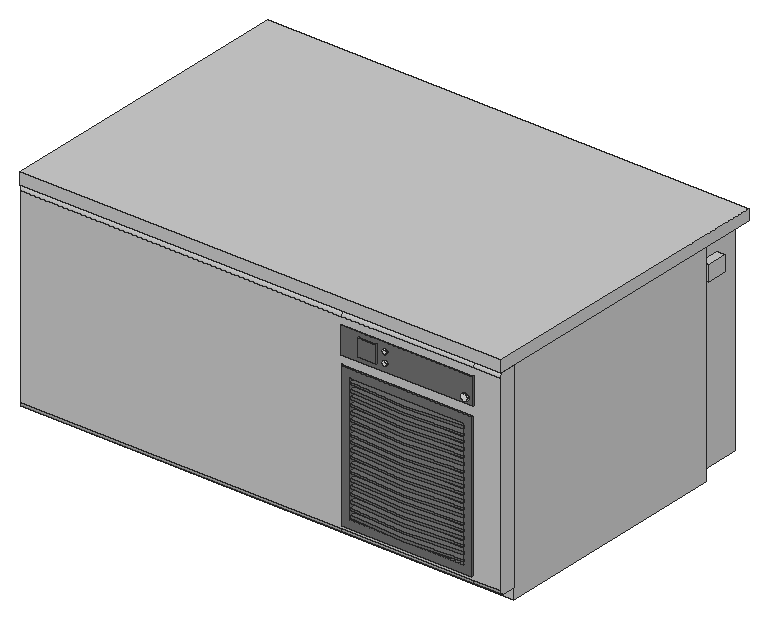
Revit family "QF_HOSHIZAKI_IM-240XNE-21", category Specialty Equipment, Revit 2016
Family settings
  Part Type = Normal
  Round Connector Dimension = Use Diameter
  OmniClass Number = 23.40.40.14
  OmniClass Title = Food Service Equipment
  Work Plane-Based = No
  Always vertical = Yes
  Cut with Voids When Loaded = No
  Shared = No
  Room Calculation Point = No
Parameters (values of type "IM-240XNE-21_230V/1Ph/50Hz")
  Weight = 88.00 kg
  Waste Remarks [instance] = ""
  Volts = 230 V
  URL Cutsheet = ""
  URL = "www.hoshizaki-europe.com"
  Status [instance] = ""
  Specification by User [instance] = ""
  Specification by Manufacturer [instance] = ""
  Serial Number = ""
  Seismic Rating = ""
  SMACNA No = ""
  Revision Code [instance] = ""
  Phase = 1
  Number of Poles = 2
  NAFEM Spec ID Number = ""
  Model = "IM-240XNE-21"
  Min Ckt Ampacity = 0 A
  Max Overcurrent Protection = 0 A
  Masterspec = ""
  Manufacturer = "HOSHIZAKI"
  Length Actual = 1084 mm
  Item Number [instance] = ""
  Installed By [instance] = ""
  Indirect Waste Size = 19.05 mm
  Indirect Waste Connection Type [instance] = ""
  Indirect Waste Connection Height [instance] = 53 mm
  Identify Quantity as Lot [instance] = no
  Height Actual = 500 mm
  HP power = ""
  Furnished By [instance] = ""
  Foodservice Equipment Identifier [instance] = yes
  FL Amps = 20 A
  Electric power = 1330 W
  Electric Connection Type [instance] = ""
  Elec Conn RI Height [instance] = 0 mm
  Elec Conn Connection Height [instance] = 409 mm
  Direct Waste RI Height [instance] = 0 mm
  Description = "MODULAR IM ICE MAKER, 240KG PER 24 HOURS, EXTRA SMALL CUBE, MODULAR - EXTENSION"
  Depth Actual = 700 mm
  Cycle = 50 Hz
  Cost = 0
  Conn Plug = ""
  Conn Conduit = no
  Cold Water Temperature Recommended = 0 °C
  Cold Water Size = 19.05 mm
  Cold Water Flow = 0.0 L/s
  Cold Water Connection Height [instance] = 419 mm
  CSI MasterFormat = ""
  Assembly Code = "E1090320"
  Apparent Power = 1330 VA
  Accessory = no
Types (2, lengths in mm): name | Volts | Cycle
  IM-240XNE-21_240V/1Ph/60Hz | 240 V | 60 Hz
  IM-240XNE-21_230V/1Ph/50Hz | 230 V | 50 Hz
Reference planes
  plane 1 "Center (Front/Back)": y = 0
  plane 2: z = 0
  plane 3 "Center (Left/Right)": x = 0
Forms (mm)
  Extrusion 1, solid, not visible
    sketch origin (-16, -65, 418) x (1, 0, 0) y (0, 1, 0)
      loop
        line (0, 0) -> (2, 0) -> (2, 2) -> (0, 2) -> (0, 0)
    from 0 to 2
  Extrusion 2, solid, not visible
    sketch origin (-16, -213, 52) x (1, 0, 0) y (0, 1, 0)
      loop
        line (0, 0) -> (2, 0) -> (2, 2) -> (0, 2) -> (0, 0)
    from 0 to 2
  Extrusion 3, solid, not visible
    sketch origin (1073, -77, 408) x (1, 0, 0) y (0, 1, 0)
      loop
        line (0, 0) -> (2, 0) -> (2, 2) -> (0, 2) -> (0, 0)
    from 0 to 2
  Extrusion 4, solid, not visible
    sketch origin (-16, -65, 418) x (1, 0, 0) y (0, 1, 0)
      loop
        line (0, 0) -> (2, 0) -> (2, 2) -> (0, 2) -> (0, 0)
    from 0 to 2
  Extrusion 5, solid, not visible
    sketch origin (-16, -213, 52) x (1, 0, 0) y (0, 1, 0)
      loop
        line (0, 0) -> (2, 0) -> (2, 2) -> (0, 2) -> (0, 0)
    from 0 to 2
  Extrusion 6, solid, not visible
    sketch origin (1073, -77, 408) x (1, 0, 0) y (0, 1, 0)
      loop
        line (0, 0) -> (2, 0) -> (2, 2) -> (0, 2) -> (0, 0)
    from 0 to 2
Dimensions and locks
  aligned and locked: level to plane 2
Nested families
  nested 1: "QF_HOSHIZAKI_IM-240XNE-21_240V_1Ph_60Hz" at (0, 0, 0), type "IM-240XNE-21_240V/1Ph/60Hz"
    with Show Clearance yes
Connectors
  piping at (-15, -63, 419), diameter 19.05, driven by "Cold Water Size", driven by "Cold Water Flow"
    settings: on Extrusion 1, index 1, connector inside diameter 609.6 mm, connector length 0 mm, flow factor 0, pipe flow 0.0 L/s, pressure drop 0.0 Pa, fitting loss kfactor 0, connector angle 0.00°, fixture units 0, engagement length 0 mm, angle of deflection 0.00°, flow configuration 1, flow direction 1, fitting loss method 0, system type 20, joint type 0, gender type 0, connector reference index -1, connector utility 0, adjustable connector no, is connector primary yes, connector description "Cold Water connection for 'IM-240XNE-21'"
  piping at (-15, -211, 53), diameter 19.05, driven by "Indirect Waste Size"
    settings: on Extrusion 2, index 2, connector inside diameter 609.6 mm, connector length 0 mm, flow factor 0, pipe flow 0.0 L/s, pressure drop 0.0 Pa, fitting loss kfactor 0, connector angle 0.00°, fixture units 0, engagement length 0 mm, angle of deflection 0.00°, flow configuration 1, flow direction 2, fitting loss method 0, system type 16, joint type 0, gender type 0, connector reference index -1, connector utility 0, adjustable connector no, is connector primary no, connector description "Drain connection for 'IM-240XNE-21'"
  electrical at (1074, -75, 409), driven by "Apparent Power", driven by "Number of Poles", driven by "Volts"
    settings: on Extrusion 3, index 3, voltage 230 V, apparent load 0 VA, apparent load phase1 1330 VA, apparent load phase2 0 VA, apparent load phase3 0 VA, power factor 1, load classification "Other", number of poles 2, system type 31, power factor state 1, is connector primary yes, connector utility no, sub classification motor no, connector description "Electric connection for 'IM-240XNE-21'"
  piping at (-15, -63, 419), diameter 19.05, driven by "Cold Water Size", driven by "Cold Water Flow"
    settings: on Extrusion 4, index 4, connector inside diameter 609.6 mm, connector length 0 mm, flow factor 0, pipe flow 0.0 L/s, pressure drop 0.0 Pa, fitting loss kfactor 0, connector angle 0.00°, fixture units 0, engagement length 0 mm, angle of deflection 0.00°, flow configuration 1, flow direction 1, fitting loss method 0, system type 20, joint type 0, gender type 0, connector reference index -1, connector utility 0, adjustable connector no, is connector primary no, connector description "Cold Water connection for 'IM-240XNE-21'"
  piping at (-15, -211, 53), diameter 19.05, driven by "Indirect Waste Size"
    settings: on Extrusion 5, index 5, connector inside diameter 609.6 mm, connector length 0 mm, flow factor 0, pipe flow 0.0 L/s, pressure drop 0.0 Pa, fitting loss kfactor 0, connector angle 0.00°, fixture units 0, engagement length 0 mm, angle of deflection 0.00°, flow configuration 1, flow direction 2, fitting loss method 0, system type 16, joint type 0, gender type 0, connector reference index -1, connector utility 0, adjustable connector no, is connector primary no, connector description "Drain connection for 'IM-240XNE-21'"
  electrical at (1074, -75, 409), driven by "Apparent Power", driven by "Number of Poles", driven by "Volts"
    settings: on Extrusion 6, index 6, voltage 230 V, apparent load 0 VA, apparent load phase1 1330 VA, apparent load phase2 0 VA, apparent load phase3 0 VA, power factor 1, load classification "Other", number of poles 2, system type 31, power factor state 1, is connector primary no, connector utility no, sub classification motor no, connector description "Electric connection for 'IM-240XNE-21'"
Definition of nested family "QF_HOSHIZAKI_IM-240XNE-21_240V_1Ph_60Hz"
  Parameters (values of type "IM-240XNE-21_240V/1Ph/60Hz")
    Width = 1084 mm
    URL = "www.hoshizaki-europe.com"
    Show Clearance [instance] = yes
    Model = "IM-240XNE-21"
    Manufacturer = "HOSHIZAKI"
    Height = 500 mm
    Description = "MODULAR IM ICE MAKER, 240KG PER 24 HOURS, EXTRA SMALL CUBE, MODULAR - EXTENSION"
    Depth = 700 mm
    Assembly Code = "E1090320"
  Types (31, lengths in mm): name | Width | Model | Height | Description | Depth
    IM-240DNE-HC | 1084 | "IM-240DNE-HC" | 500 | "EMERALD CLASS IM HYDROCARBON ICE MAKER, 210KG PER 24 HOURS, LARGE CUBE, MODULAR - HORIZONTAL" | 700
    IM-240XNE-HC | 1084 | "IM-240XNE-HC" | 500 | "EMERALD CLASS IM HYDROCARBON ICE MAKER, 210KG PER 24 HOURS, LARGE CUBE, MODULAR - EXTENSION" | 700
    IM-240DNE | 1084 | "IM-240DNE" | 500 | "MODULAR IM ICE MAKER, 240KG PER 24 HOURS, LARGE CUBE, MODULAR - HORIZONTAL" | 700
    IM-240DNE-21 | 1084 | "IM-240DNE-21" | 500 | "MODULAR IM ICE MAKER, 240KG PER 24 HOURS, EXTRA SMALL CUBE, MODULAR - HORIZONTAL" | 700
    IM-240DNE-23 | 1084 | "IM-240DNE-23" | 500 | "MODULAR IM ICE MAKER, 240KG PER 24 HOURS, MEDIUM CUBE, MODULAR - HORIZONTAL" | 700
    IM-240DNE-32 | 1084 | "IM-240DNE-32" | 500 | "MODULAR IM ICE MAKER, 240KG PER 24 HOURS, EXTRA LARGE CUBE, MODULAR - HORIZONTAL" | 700
    IM-240DSNE | 1084 | "IM-240DSNE" | 500 | "MODULAR IM ICE MAKER, 240KG PER 24 HOURS, LARGE CUBE, REMOTE CONDENSER" | 700
    IM-240DSNE-23 | 1084 | "IM-240DSNE-23" | 500 | "MODULAR IM ICE MAKER, 240KG PER 24 HOURS, MEDIUM CUBE, REMOTE CONDENSER" | 700
    IM-240DWNE | 1084 | "IM-240DWNE" | 500 | "MODULAR IM ICE MAKER, 240KG PER 24 HOURS, LARGE CUBE, MODULAR - HORIZONTAL, WATER COOLED" | 700
    IM-240DWNE-21 | 1084 | "IM-240DWNE-21" | 500 | "MODULAR IM ICE MAKER, 240KG PER 24 HOURS, EXTRA SMALL CUBE, MODULAR - HORIZONTAL, WATER COOLED" | 700
    IM-240DWNE-23 | 1084 | "IM-240DWNE-23" | 500 | "MODULAR IM ICE MAKER, 240KG PER 24 HOURS, MEDIUM CUBE, MODULAR - HORIZONTAL, WATER COOLED" | 700
    IM-240DWNE-32 | 1084 | "IM-240DWNE-32" | 500 | "MODULAR IM ICE MAKER, 240KG PER 24 HOURS, EXTRA LARGE CUBE, MODULAR - HORIZONTAL, WATER COOLED" | 700
    IM-240XNE | 1084 | "IM-240XNE" | 500 | "MODULAR IM ICE MAKER, 240KG PER 24 HOURS, LARGE CUBE, MODULAR - EXTENSION" | 700
    IM-240XNE-21_240V/1Ph/60Hz | 1084 | "IM-240XNE-21" | 500 | "MODULAR IM ICE MAKER, 240KG PER 24 HOURS, EXTRA SMALL CUBE, MODULAR - EXTENSION" | 700
    IM-240XNE-23 | 1084 | "IM-240XNE-23" | 500 | "MODULAR IM ICE MAKER, 240KG PER 24 HOURS, MEDIUM CUBE, MODULAR - EXTENSION" | 700
    IM-240XNE-32 | 1084 | "IM-240XNE-32" | 500 | "MODULAR IM ICE MAKER, 240KG PER 24 HOURS, EXTRA LARGE CUBE, MODULAR - EXTENSION" | 700
    IM-240XSNE | 1084 | "IM-240XSNE" | 500 | "MODULAR IM ICE MAKER, 240KG PER 24 HOURS, LARGE CUBE, MODULAR - EXTENSION, REMOTE CONDENSER" | 700
    IM-240XSNE-23 | 1084 | "IM-240XSNE-23" | 500 | "MODULAR IM ICE MAKER, 240KG PER 24 HOURS, MEDIUM CUBE, MODULAR - EXTENSION, REMOTE CONDENSER" | 700
    IM-240XWNE | 1084 | "IM-240XWNE" | 500 | "MODULAR IM ICE MAKER, 240KG PER 24 HOURS, LARGE CUBE, MODULAR - EXTENSION, WATER COOLED" | 700
    IM-240XWNE-21 | 1084 | "IM-240XWNE-21" | 500 | "MODULAR IM ICE MAKER, 240KG PER 24 HOURS, EXTRA SMALL CUBE, MODULAR - EXTENSION, WATER COOLED" | 700
    IM-240XWNE-23 | 1084 | "IM-240XWNE-23" | 500 | "MODULAR IM ICE MAKER, 240KG PER 24 HOURS, MEDIUM CUBE, MODULAR - EXTENSION, WATER COOLED" | 700
    IM-240XWNE-32 | 1084 | "IM-240XWNE-32" | 500 | "MODULAR IM ICE MAKER, 240KG PER 24 HOURS, EXTRA LARGE CUBE, MODULAR - EXTENSION, WATER COOLED" | 700
    IM-240DNE-C | 1084 | "IM-240DNE-C" | 500 | "IM CYLINDER ICE MAKER, 240KG PER 24 HOURS, CYLINDER ICE, MODULAR - HORIZONTAL" | 700
    IM-240DWNE-C | 1084 | "IM-240DWNE-C" | 500 | "IM CYLINDER ICE MAKER, 240KG PER 24 HOURS, CYLINDER ICE, MODULAR - HORIZONTAL, WATER COOLED" | 700
    IM-240XNE-C | 1084 | "IM-240XNE-C" | 500 | "IM CYLINDER ICE MAKER, 240KG PER 24 HOURS, CYLINDER ICE, MODULAR - EXTENSION" | 700
    IM-240XWNE-C | 1084 | "IM-240XWNE-C" | 500 | "IM CYLINDER ICE MAKER, 240KG PER 24 HOURS, CYLINDER ICE, MODULAR - EXTENSION, WATER COOLED" | 700
    IM-240DNE-HC-23 | 1084 | "IM-240DNE-HC-23" | 500 | "EMERALD CLASS IM HYDROCARBON ICE MAKER, 180KG PER 24 HOURS, MEDIUM CUBE, MODULAR - EXTENSION" | 700
    IM-240DNE-HC-32 | 1084 | "IM-240DNE-HC-32" | 500 | "EMERALD CLASS IM HYDROCARBON ICE MAKER, 190KG PER 24 HOURS, EXTRA LARGE CUBE, MODULAR - EXTENSION" | 700
    IM-240XNE-HC-23 | 1082 | "IM-240XNE-HC-23" | 485 | "EMERALD CLASS IM HYDROCARBON ICE MAKER, 180KG PER 24 HOURS, MEDIUM CUBE, MODULAR - EXTENSION" | 697
    IM-240XNE-HC-32 | 1082 | "IM-240XNE-HC-32" | 485 | "EMERALD CLASS IM HYDROCARBON ICE MAKER, 190KG PER 24 HOURS, EXTRA LARGE CUBE, MODULAR - EXTENSION" | 697
    IM-240DNE-HC-21 | 1084 | "IM-240DNE-HC-21" | 500 | "EMERALD CLASS IM HYDROCARBON ICE MAKER, 205KG PER 24 HOURS, EXTRA SMALL CUBE, MODULAR - EXTENSION" | 700
  Reference planes
    plane 1 "Back": y = 0
    plane 2: z = 0
    plane 3 "Left": x = 0
    plane 4 "Right": x = 1084
    plane 5 "Front": y = -700
    plane 6 "Top": z = 500
    plane 7: y = -702
    plane 8: z = 488
  Forms (mm)
    Extrusion 1, solid
      sketch origin (166.25, -249, 193) x (0, 1, 0) y (0, 0, 1)
        loop
          line (-414, -170) -> (-414, 280) -> (-441, 280)
          arc (-441, 280) -> (-448.071, 277.071) -> (-451, 270) r 10
          line (-451, 270) -> (-451, -160)
          arc (-451, -160) -> (-448.071, -167.071) -> (-441, -170) r 10
          line (-441, -170) -> (-414, -170)
      from 559.75 to -166.25
    Extrusion 2, solid
      sketch origin (-20, -211, 53) x (0, 1, 0) y (0, 0, 1)
        loop
          circle (0, 0) r 14
        loop
          circle (0, 0) r 12
      from 0 to 20
    Extrusion 3, solid
      sketch origin (-16, -63, 419) x (0, 1, 0) y (0, 0, 1)
        loop
          circle (0, 0) r 14
        loop
          circle (0, 0) r 12
      from 0 to 16
    Extrusion 4, solid
      sketch origin (1024, -249, 193) x (0, 1, 0) y (0, 0, 1)
        loop
          line (-414, -170) -> (-414, 280) -> (-441, 280)
          arc (-441, 280) -> (-448.071, 277.071) -> (-451, 270) r 10
          line (-451, 270) -> (-451, -160)
          arc (-451, -160) -> (-448.071, -167.071) -> (-441, -170) r 10
          line (-441, -170) -> (-414, -170)
      from 0 to 60
    Extrusion 5, solid
      sketch origin (726, -249, 193) x (0, 1, 0) y (0, 0, 1)
        loop
          line (-414, -170) -> (-414, -153) -> (-451, -153) -> (-451, -160)
          arc (-451, -160) -> (-448.071, -167.071) -> (-441, -170) r 10
          line (-441, -170) -> (-414, -170)
        loop
          line (-451, 270) -> (-451, 174) -> (-414, 174) -> (-414, 280) -> (-441, 280)
          arc (-441, 280) -> (-448.071, 277.071) -> (-451, 270) r 10
      from 0 to 298
    Extrusion 6, solid
      sketch origin (568.75, -852, 28) x (1, 0, 0) y (0, 0, 1)
        loop
          line (159.25, 337) -> (159.25, 14) -> (453.25, 14) -> (453.25, 337) -> (159.25, 337)
        loop
          line (177.25, 319) -> (177.25, 32) -> (435.25, 32) -> (435.25, 319) -> (177.25, 319)
      from -150 to -160
    Extrusion 7, solid
      sketch origin (568.75, -249, 170) x (1, 0, 0) y (0, 1, 0)
        loop
          line (177.25, -443) -> (177.25, -454.474)
          arc (177.25, -454.474) -> (306.295, -461.632) -> (435.25, -453) r 1057.927
          line (435.25, -453) -> (435.25, -443) -> (177.25, -443)
      from 0 to 5
    Extrusion 8, solid
      sketch origin (568.75, -249, 185) x (1, 0, 0) y (0, 1, 0)
        loop
          line (177.25, -443) -> (177.25, -454.474)
          arc (177.25, -454.474) -> (306.295, -461.632) -> (435.25, -453) r 1057.927
          line (435.25, -453) -> (435.25, -443) -> (177.25, -443)
      from 0 to 5
    Extrusion 9, solid
      sketch origin (568.75, -249, 200) x (1, 0, 0) y (0, 1, 0)
        loop
          line (177.25, -443) -> (177.25, -454.474)
          arc (177.25, -454.474) -> (306.295, -461.632) -> (435.25, -453) r 1057.927
          line (435.25, -453) -> (435.25, -443) -> (177.25, -443)
      from 0 to 5
    Extrusion 10, solid
      sketch origin (568.75, -249, 215) x (1, 0, 0) y (0, 1, 0)
        loop
          line (177.25, -443) -> (177.25, -454.474)
          arc (177.25, -454.474) -> (306.295, -461.632) -> (435.25, -453) r 1057.927
          line (435.25, -453) -> (435.25, -443) -> (177.25, -443)
      from 0 to 5
    Extrusion 11, solid
      sketch origin (568.75, -249, 230) x (1, 0, 0) y (0, 1, 0)
        loop
          line (177.25, -443) -> (177.25, -454.474)
          arc (177.25, -454.474) -> (306.295, -461.632) -> (435.25, -453) r 1057.927
          line (435.25, -453) -> (435.25, -443) -> (177.25, -443)
      from 0 to 5
    Extrusion 12, solid
      sketch origin (568.75, -249, 245) x (1, 0, 0) y (0, 1, 0)
        loop
          line (177.25, -443) -> (177.25, -454.474)
          arc (177.25, -454.474) -> (306.295, -461.632) -> (435.25, -453) r 1057.927
          line (435.25, -453) -> (435.25, -443) -> (177.25, -443)
      from 0 to 5
    Extrusion 13, solid
      sketch origin (568.75, -249, 260) x (1, 0, 0) y (0, 1, 0)
        loop
          line (177.25, -443) -> (177.25, -454.474)
          arc (177.25, -454.474) -> (306.295, -461.632) -> (435.25, -453) r 1057.927
          line (435.25, -453) -> (435.25, -443) -> (177.25, -443)
      from 0 to 5
    Extrusion 14, solid
      sketch origin (568.75, -249, 275) x (1, 0, 0) y (0, 1, 0)
        loop
          line (177.25, -443) -> (177.25, -454.474)
          arc (177.25, -454.474) -> (306.295, -461.632) -> (435.25, -453) r 1057.927
          line (435.25, -453) -> (435.25, -443) -> (177.25, -443)
      from 0 to 5
    Extrusion 15, solid
      sketch origin (568.75, -249, 290) x (1, 0, 0) y (0, 1, 0)
        loop
          line (177.25, -443) -> (177.25, -454.474)
          arc (177.25, -454.474) -> (306.295, -461.632) -> (435.25, -453) r 1057.927
          line (435.25, -453) -> (435.25, -443) -> (177.25, -443)
      from 0 to 5
    Extrusion 16, solid
      sketch origin (568.75, -249, 305) x (1, 0, 0) y (0, 1, 0)
        loop
          line (177.25, -443) -> (177.25, -454.474)
          arc (177.25, -454.474) -> (306.295, -461.632) -> (435.25, -453) r 1057.927
          line (435.25, -453) -> (435.25, -443) -> (177.25, -443)
      from 0 to 5
    Extrusion 17, solid
      sketch origin (568.75, -249, 320) x (1, 0, 0) y (0, 1, 0)
        loop
          line (177.25, -443) -> (177.25, -454.474)
          arc (177.25, -454.474) -> (306.295, -461.632) -> (435.25, -453) r 1057.927
          line (435.25, -453) -> (435.25, -443) -> (177.25, -443)
      from 0 to 5
    Extrusion 18, solid
      sketch origin (568.75, -249, 335) x (1, 0, 0) y (0, 1, 0)
        loop
          line (177.25, -443) -> (177.25, -454.474)
          arc (177.25, -454.474) -> (306.295, -461.632) -> (435.25, -453) r 1057.927
          line (435.25, -453) -> (435.25, -443) -> (177.25, -443)
      from 0 to 5
    Extrusion 19, solid
      sketch origin (568.75, -249, 110) x (1, 0, 0) y (0, 1, 0)
        loop
          line (177.25, -443) -> (177.25, -454.474)
          arc (177.25, -454.474) -> (306.295, -461.632) -> (435.25, -453) r 1057.927
          line (435.25, -453) -> (435.25, -443) -> (177.25, -443)
      from 0 to 5
    Extrusion 20, solid
      sketch origin (568.75, -249, 125) x (1, 0, 0) y (0, 1, 0)
        loop
          line (177.25, -443) -> (177.25, -454.474)
          arc (177.25, -454.474) -> (306.295, -461.632) -> (435.25, -453) r 1057.927
          line (435.25, -453) -> (435.25, -443) -> (177.25, -443)
      from 0 to 5
    Extrusion 21, solid
      sketch origin (568.75, -249, 140) x (1, 0, 0) y (0, 1, 0)
        loop
          line (177.25, -443) -> (177.25, -454.474)
          arc (177.25, -454.474) -> (306.295, -461.632) -> (435.25, -453) r 1057.927
          line (435.25, -453) -> (435.25, -443) -> (177.25, -443)
      from 0 to 5
    Extrusion 22, solid
      sketch origin (568.75, -249, 155) x (1, 0, 0) y (0, 1, 0)
        loop
          line (177.25, -443) -> (177.25, -454.474)
          arc (177.25, -454.474) -> (306.295, -461.632) -> (435.25, -453) r 1057.927
          line (435.25, -453) -> (435.25, -443) -> (177.25, -443)
      from 0 to 5
    Extrusion 23, solid
      sketch origin (568.75, -249, 65) x (1, 0, 0) y (0, 1, 0)
        loop
          line (177.25, -443) -> (177.25, -454.474)
          arc (177.25, -454.474) -> (306.295, -461.632) -> (435.25, -453) r 1057.927
          line (435.25, -453) -> (435.25, -443) -> (177.25, -443)
      from 0 to 5
    Extrusion 24, solid
      sketch origin (568.75, -249, 80) x (1, 0, 0) y (0, 1, 0)
        loop
          line (177.25, -443) -> (177.25, -454.474)
          arc (177.25, -454.474) -> (306.295, -461.632) -> (435.25, -453) r 1057.927
          line (435.25, -453) -> (435.25, -443) -> (177.25, -443)
      from 0 to 5
    Extrusion 25, solid
      sketch origin (568.75, -249, 95) x (1, 0, 0) y (0, 1, 0)
        loop
          line (177.25, -443) -> (177.25, -454.474)
          arc (177.25, -454.474) -> (306.295, -461.632) -> (435.25, -453) r 1057.927
          line (435.25, -453) -> (435.25, -443) -> (177.25, -443)
      from 0 to 5
    Extrusion 26, solid
      sketch origin (0, -700, -10) x (1, 0, 0) y (0, 0, 1)
        loop
          line (726, 397) -> (1024, 397) -> (1024, 457) -> (726, 457) -> (726, 397)
      from 0 to 2
    Extrusion 27, solid
      sketch origin (0, -702, 0) x (1, 0, 0) y (0, 0, 1)
        loop
          line (766.139, 436.277) -> (766.139, 396.277) -> (806.139, 396.277) -> (806.139, 436.277) -> (766.139, 436.277)
      from 0 to 2
    Extrusion 28, solid
      sketch origin (0, -702, 0) x (1, 0, 0) y (0, 0, 1)
        loop
          circle (825.63, 428.086) r 5
        loop
          circle (825.63, 404.468) r 5
      from 0 to 2
    Extrusion 29, solid
      sketch origin (0, -702, 0) x (1, 0, 0) y (0, 0, 1)
        loop
          circle (1006.481, 399.95) r 7.5
      from 3 to 0
    Extrusion 30, solid
      sketch origin (0, 0, 0) x (1, 0, 0) y (0, 1, 0)
        loop
          line (0, 0) -> (0, -663) -> (1084, -663) -> (1084, -120) -> (1054, -120) -> (1054, 0) -> (0, 0)
      from 0 to 475
    Extrusion 31, solid
      sketch origin (0, 0, 0) x (1, 0, 0) y (0, 1, 0)
        loop
          line (0, 0) -> (0, -700) -> (1084, -700) -> (1084, 0) -> (0, 0)
      from 500 to 475
    Extrusion 32, solid
      sketch origin (1254, 1.923, 57.766) x (0, 1, 0) y (0, 0, 1)
        loop
          line (-101.026, 368.734) -> (-101.026, 333.734) -> (-54.923, 333.734) -> (-54.923, 368.734) -> (-101.026, 368.734)
      from -180 to -200
  Cuts and joins
    joined: Extrusion 1, Extrusion 4, Extrusion 5
  Lines and regions (mm)
    symbolic lines
      curve 1: line (0, 0, 0) -> (1084, 0, 0)
      curve 2: line (0, -700, 0) -> (0, 0, 0)
      curve 3: line (1084, -700, 0) -> (0, -700, 0)
      curve 4: line (1084, 0, 0) -> (1084, -700, 0)
      curve 5: line (-16, -49, 0) -> (0, -49, 0)
      curve 6: line (-16, -49, 0) -> (-16, -77, 0)
      curve 7: line (-16, -77, 0) -> (0, -77, 0)
      curve 8: line (-20, -197, 0) -> (0, -197, 0)
      curve 9: line (-20, -197, 0) -> (-20, -225, 0)
      curve 10: line (-20, -225, 0) -> (0, -225, 0)
  Dimensions and locks
    plane 5 "Front" to Extrusion 30 = 700 mm
    locked: Extrusion 30 sketch curve to curve 4 at 30
    locked: Extrusion 30 to Extrusion 32 at 20
    "Width": plane 4 "Right" to plane 3 "Left"
    locked: Extrusion 28 to Extrusion 27 at 2
    locked: plane 5 "Front" to Extrusion 26 at 2
    Extrusion 29 to Extrusion 28 = 0 mm
    locked: plane 5 "Front" to Extrusion 6 at 8
    locked: plane 7 to plane 5 "Front" at 2
    "Depth": plane 5 "Front" to plane 1 "Back"
    locked: plane 5 "Front" to Extrusion 29 at 5
    locked: Extrusion 31 to plane 6 "Top" at 25
    cut or joined group of Extrusion 1, Extrusion 4, Extrusion 5 to plane 8 to plane 6 "Top" = 15 mm, 12 mm
    "Height": plane 6 "Top" to level
    aligned and locked: level to plane 2
    aligned and locked: Extrusion 31 to plane 4 "Right"
    aligned and locked: Extrusion 32 to Extrusion 30
    aligned and locked: Extrusion 4 to plane 4 "Right"
    aligned and locked: Extrusion 4 to Extrusion 5  (x2)
    aligned and locked: plane 4 "Right" to curve 4
    aligned and locked: Extrusion 31 to plane 5 "Front"
    aligned and locked: Extrusion 1 sketch curve to plane 5 "Front"
    aligned and locked: Extrusion 27 to Extrusion 26
    aligned and locked: plane 5 "Front" to Extrusion 26
    aligned and locked: Extrusion 28 to Extrusion 26
    aligned and locked: plane 7 to Extrusion 6
    aligned and locked: Extrusion 29 to Extrusion 26
    aligned and locked: plane 6 "Top" to Extrusion 31
    aligned and locked: Extrusion 30 to Extrusion 31
  Automatic sketch dimensions
    Extrusion 2 sketch curve to Extrusion 2 sketch curve = 0 mm  (x2)
    level to Extrusion 2 sketch curve = 53 mm
    plane 1 "Back" to Extrusion 2 sketch curve = 211 mm
    Extrusion 3 sketch curve to Extrusion 3 sketch curve = 0 mm  (x2)
    plane 1 "Back" to Extrusion 3 sketch curve = 63 mm
    Extrusion 3 sketch curve to plane 6 "Top" = 81 mm
    Extrusion 4 sketch curve to plane 5 "Front" = 0 mm
    Extrusion 4 sketch curve to Extrusion 4 sketch curve = 10 mm
    plane 5 "Front" to Extrusion 4 sketch curve = 10 mm
    Extrusion 4 sketch curve to Extrusion 4 sketch curve = 27 mm
    level to Extrusion 4 sketch curve = 23 mm
    Extrusion 4 sketch curve to plane 6 "Top" = 37 mm
    Extrusion 5 sketch curve to plane 5 "Front" = 0 mm  (x2)
    plane 5 "Front" to Extrusion 5 sketch curve = 10 mm  (x2)
    Extrusion 5 sketch curve to Extrusion 5 sketch curve = 27 mm  (x2)
    level to Extrusion 5 sketch curve = 23 mm
    Extrusion 5 sketch curve to Extrusion 5 sketch curve = 7 mm
    Extrusion 5 sketch curve to plane 6 "Top" = 133 mm
    Extrusion 5 sketch curve to plane 6 "Top" = 37 mm
    level to Extrusion 6 sketch curve = 42 mm
    plane 4 "Right" to Extrusion 6 sketch curve = 356 mm
    Extrusion 6 sketch curve to Extrusion 6 sketch curve = 18 mm  (x4)
    plane 4 "Right" to Extrusion 6 sketch curve = 80 mm
    Extrusion 6 sketch curve to plane 6 "Top" = 153 mm
    plane 5 "Front" to Extrusion 7 sketch curve = 8 mm
    plane 4 "Right" to Extrusion 7 sketch curve = 338 mm
    plane 4 "Right" to Extrusion 7 sketch curve = 215 mm
    plane 4 "Right" to Extrusion 7 sketch curve = 80 mm
    Extrusion 7 sketch curve to plane 5 "Front" = 2 mm
    Extrusion 7 sketch curve to Extrusion 7 sketch curve = 11.474 mm
    plane 5 "Front" to Extrusion 8 sketch curve = 8 mm
    plane 4 "Right" to Extrusion 8 sketch curve = 338 mm
    plane 4 "Right" to Extrusion 8 sketch curve = 215 mm
    plane 4 "Right" to Extrusion 8 sketch curve = 80 mm
    Extrusion 8 sketch curve to plane 5 "Front" = 2 mm
    Extrusion 8 sketch curve to Extrusion 8 sketch curve = 11.474 mm
    plane 5 "Front" to Extrusion 9 sketch curve = 8 mm
    plane 4 "Right" to Extrusion 9 sketch curve = 338 mm
    plane 4 "Right" to Extrusion 9 sketch curve = 215 mm
    plane 4 "Right" to Extrusion 9 sketch curve = 80 mm
    Extrusion 9 sketch curve to plane 5 "Front" = 2 mm
    Extrusion 9 sketch curve to Extrusion 9 sketch curve = 11.474 mm
    plane 5 "Front" to Extrusion 10 sketch curve = 8 mm
    plane 4 "Right" to Extrusion 10 sketch curve = 338 mm
    plane 4 "Right" to Extrusion 10 sketch curve = 215 mm
    plane 4 "Right" to Extrusion 10 sketch curve = 80 mm
    Extrusion 10 sketch curve to plane 5 "Front" = 2 mm
    Extrusion 10 sketch curve to Extrusion 10 sketch curve = 11.474 mm
    plane 5 "Front" to Extrusion 11 sketch curve = 8 mm
    plane 4 "Right" to Extrusion 11 sketch curve = 338 mm
    plane 4 "Right" to Extrusion 11 sketch curve = 215 mm
    plane 4 "Right" to Extrusion 11 sketch curve = 80 mm
    Extrusion 11 sketch curve to plane 5 "Front" = 2 mm
    Extrusion 11 sketch curve to Extrusion 11 sketch curve = 11.474 mm
    plane 5 "Front" to Extrusion 12 sketch curve = 8 mm
    plane 4 "Right" to Extrusion 12 sketch curve = 338 mm
    plane 4 "Right" to Extrusion 12 sketch curve = 215 mm
    plane 4 "Right" to Extrusion 12 sketch curve = 80 mm
    Extrusion 12 sketch curve to plane 5 "Front" = 2 mm
    Extrusion 12 sketch curve to Extrusion 12 sketch curve = 11.474 mm
    plane 5 "Front" to Extrusion 13 sketch curve = 8 mm
    plane 4 "Right" to Extrusion 13 sketch curve = 338 mm
    plane 4 "Right" to Extrusion 13 sketch curve = 215 mm
    plane 4 "Right" to Extrusion 13 sketch curve = 80 mm
    Extrusion 13 sketch curve to plane 5 "Front" = 2 mm
    Extrusion 13 sketch curve to Extrusion 13 sketch curve = 11.474 mm
    plane 5 "Front" to Extrusion 14 sketch curve = 8 mm
    plane 4 "Right" to Extrusion 14 sketch curve = 338 mm
    plane 4 "Right" to Extrusion 14 sketch curve = 215 mm
    plane 4 "Right" to Extrusion 14 sketch curve = 80 mm
    Extrusion 14 sketch curve to plane 5 "Front" = 2 mm
    Extrusion 14 sketch curve to Extrusion 14 sketch curve = 11.474 mm
    plane 5 "Front" to Extrusion 15 sketch curve = 8 mm
    plane 4 "Right" to Extrusion 15 sketch curve = 338 mm
    plane 4 "Right" to Extrusion 15 sketch curve = 215 mm
    plane 4 "Right" to Extrusion 15 sketch curve = 80 mm
    Extrusion 15 sketch curve to plane 5 "Front" = 2 mm
    Extrusion 15 sketch curve to Extrusion 15 sketch curve = 11.474 mm
    plane 5 "Front" to Extrusion 16 sketch curve = 8 mm
    plane 4 "Right" to Extrusion 16 sketch curve = 338 mm
    plane 4 "Right" to Extrusion 16 sketch curve = 215 mm
    plane 4 "Right" to Extrusion 16 sketch curve = 80 mm
    Extrusion 16 sketch curve to plane 5 "Front" = 2 mm
    Extrusion 16 sketch curve to Extrusion 16 sketch curve = 11.474 mm
    plane 5 "Front" to Extrusion 17 sketch curve = 8 mm
    plane 4 "Right" to Extrusion 17 sketch curve = 338 mm
    plane 4 "Right" to Extrusion 17 sketch curve = 215 mm
    plane 4 "Right" to Extrusion 17 sketch curve = 80 mm
    Extrusion 17 sketch curve to plane 5 "Front" = 2 mm
    Extrusion 17 sketch curve to Extrusion 17 sketch curve = 11.474 mm
    plane 5 "Front" to Extrusion 18 sketch curve = 8 mm
    plane 4 "Right" to Extrusion 18 sketch curve = 338 mm
    plane 4 "Right" to Extrusion 18 sketch curve = 215 mm
    plane 4 "Right" to Extrusion 18 sketch curve = 80 mm
    Extrusion 18 sketch curve to plane 5 "Front" = 2 mm
    Extrusion 18 sketch curve to Extrusion 18 sketch curve = 11.474 mm
    plane 5 "Front" to Extrusion 19 sketch curve = 8 mm
    plane 4 "Right" to Extrusion 19 sketch curve = 338 mm
    plane 4 "Right" to Extrusion 19 sketch curve = 215 mm
    plane 4 "Right" to Extrusion 19 sketch curve = 80 mm
    Extrusion 19 sketch curve to plane 5 "Front" = 2 mm
    Extrusion 19 sketch curve to Extrusion 19 sketch curve = 11.474 mm
    plane 5 "Front" to Extrusion 20 sketch curve = 8 mm
    plane 4 "Right" to Extrusion 20 sketch curve = 338 mm
    plane 4 "Right" to Extrusion 20 sketch curve = 215 mm
    plane 4 "Right" to Extrusion 20 sketch curve = 80 mm
    Extrusion 20 sketch curve to plane 5 "Front" = 2 mm
    Extrusion 20 sketch curve to Extrusion 20 sketch curve = 11.474 mm
    plane 5 "Front" to Extrusion 21 sketch curve = 8 mm
    plane 4 "Right" to Extrusion 21 sketch curve = 338 mm
    plane 4 "Right" to Extrusion 21 sketch curve = 215 mm
    plane 4 "Right" to Extrusion 21 sketch curve = 80 mm
    Extrusion 21 sketch curve to plane 5 "Front" = 2 mm
    Extrusion 21 sketch curve to Extrusion 21 sketch curve = 11.474 mm
    plane 5 "Front" to Extrusion 22 sketch curve = 8 mm
    plane 4 "Right" to Extrusion 22 sketch curve = 338 mm
    plane 4 "Right" to Extrusion 22 sketch curve = 215 mm
    plane 4 "Right" to Extrusion 22 sketch curve = 80 mm
    Extrusion 22 sketch curve to plane 5 "Front" = 2 mm
    Extrusion 22 sketch curve to Extrusion 22 sketch curve = 11.474 mm
    plane 5 "Front" to Extrusion 23 sketch curve = 8 mm
    plane 4 "Right" to Extrusion 23 sketch curve = 338 mm
    plane 4 "Right" to Extrusion 23 sketch curve = 215 mm
    plane 4 "Right" to Extrusion 23 sketch curve = 80 mm
    Extrusion 23 sketch curve to plane 5 "Front" = 2 mm
    Extrusion 23 sketch curve to Extrusion 23 sketch curve = 11.474 mm
    plane 5 "Front" to Extrusion 24 sketch curve = 8 mm
    plane 4 "Right" to Extrusion 24 sketch curve = 338 mm
    plane 4 "Right" to Extrusion 24 sketch curve = 215 mm
    plane 4 "Right" to Extrusion 24 sketch curve = 80 mm
    Extrusion 24 sketch curve to plane 5 "Front" = 2 mm
    Extrusion 24 sketch curve to Extrusion 24 sketch curve = 11.474 mm
    plane 5 "Front" to Extrusion 25 sketch curve = 8 mm
    plane 4 "Right" to Extrusion 25 sketch curve = 338 mm
    plane 4 "Right" to Extrusion 25 sketch curve = 215 mm
    plane 4 "Right" to Extrusion 25 sketch curve = 80 mm
    Extrusion 25 sketch curve to plane 5 "Front" = 2 mm
    Extrusion 25 sketch curve to Extrusion 25 sketch curve = 11.474 mm
    Extrusion 26 sketch curve to plane 6 "Top" = 53 mm
    plane 4 "Right" to Extrusion 26 sketch curve = 358 mm
    plane 4 "Right" to Extrusion 26 sketch curve = 60 mm
    Extrusion 26 sketch curve to Extrusion 26 sketch curve = 60 mm
    Extrusion 27 sketch curve to plane 6 "Top" = 103.723 mm
    plane 4 "Right" to Extrusion 27 sketch curve = 317.861 mm
    Extrusion 27 sketch curve to Extrusion 27 sketch curve = 40 mm  (x2)
    Extrusion 28 sketch curve to plane 6 "Top" = 95.532 mm
    plane 4 "Right" to Extrusion 28 sketch curve = 258.37 mm
    Extrusion 28 sketch curve to Extrusion 28 sketch curve = 0 mm
    Extrusion 28 sketch curve to Extrusion 28 sketch curve = 23.618 mm
    plane 4 "Right" to Extrusion 29 sketch curve = 77.519 mm
    Extrusion 29 sketch curve to plane 6 "Top" = 100.05 mm
    Extrusion 30 sketch curve to plane 3 "Left" = 0 mm
    Extrusion 30 sketch curve to plane 4 "Right" = 0 mm
    plane 1 "Back" to Extrusion 30 sketch curve = 0 mm
    plane 1 "Back" to Extrusion 30 sketch curve = 120 mm
    plane 5 "Front" to Extrusion 30 sketch curve = 37 mm
    Extrusion 31 sketch curve to plane 3 "Left" = 0 mm
    Extrusion 31 sketch curve to plane 4 "Right" = 0 mm
    Extrusion 31 sketch curve to plane 5 "Front" = 0 mm
    plane 1 "Back" to Extrusion 31 sketch curve = 0 mm
    plane 1 "Back" to Extrusion 32 sketch curve = 99.103 mm
    Extrusion 32 sketch curve to Extrusion 32 sketch curve = 46.103 mm
    Extrusion 32 sketch curve to plane 6 "Top" = 108.5 mm
    Extrusion 32 sketch curve to Extrusion 32 sketch curve = 35 mm
    curve 5 to plane 3 "Left" = 0 mm
    curve 3 to plane 5 "Front" = 0 mm
    plane 1 "Back" to curve 2 = 0 mm
    curve 6 to plane 3 "Left" = 16 mm
    curve 8 to plane 3 "Left" = 20 mm
    plane 1 "Back" to curve 9 = 225 mm
    curve 9 to curve 9 = 28 mm
    plane 1 "Back" to curve 6 = 77 mm
    curve 6 to curve 5 = 28 mm
    plane 5 "Front" to Extrusion 1 sketch curve = 10 mm  (x2)
    Extrusion 1 sketch curve to Extrusion 1 sketch curve = 27 mm
    level to Extrusion 1 sketch curve = 23 mm
    Extrusion 1 sketch curve to plane 6 "Top" = 37 mm
    radius of Extrusion 2 sketch curve = 14 mm
    radius of Extrusion 2 sketch curve = 12 mm
    radius of Extrusion 3 sketch curve = 14 mm
    radius of Extrusion 3 sketch curve = 12 mm
    radius of Extrusion 28 sketch curve = 5 mm  (x2)
    radius of Extrusion 29 sketch curve = 7.5 mm
  Connectors
    piping at (-20, -211, 53), diameter 19.05
      settings: on Extrusion 2, index 1, connector inside diameter 609.6 mm, connector length 0 mm, flow factor 0, pipe flow 0.0 L/s, pressure drop 0.0 Pa, fitting loss kfactor 0, connector angle 0.00°, fixture units 0, engagement length 0 mm, angle of deflection 0.00°, flow configuration 1, flow direction 2, fitting loss method 0, system type 16, joint type 0, gender type 0, connector reference index -1, connector utility 0, adjustable connector no, is connector primary yes, connector description "Indirect Waste Connection"
    piping at (-16, -63, 419), diameter 19.05
      settings: on Extrusion 3, index 3, connector inside diameter 609.6 mm, connector length 0 mm, flow factor 0, pipe flow 0.0 L/s, pressure drop 0.0 Pa, fitting loss kfactor 0, connector angle 0.00°, fixture units 0, engagement length 0 mm, angle of deflection 0.00°, flow configuration 1, flow direction 1, fitting loss method 0, system type 20, joint type 0, gender type 0, connector reference index -1, connector utility 0, adjustable connector no, is connector primary no, connector description "Cold Water Connection"
    electrical at (1064, -53, 409)
      settings: on Extrusion 32, index 4, voltage 230 V, apparent load 0 VA, apparent load phase1 930 VA, apparent load phase2 0 VA, apparent load phase3 0 VA, power factor 1, load classification none, number of poles 1, system type 31, power factor state 1, is connector primary yes, connector utility no, sub classification motor no, connector description "Electrical Connection"
